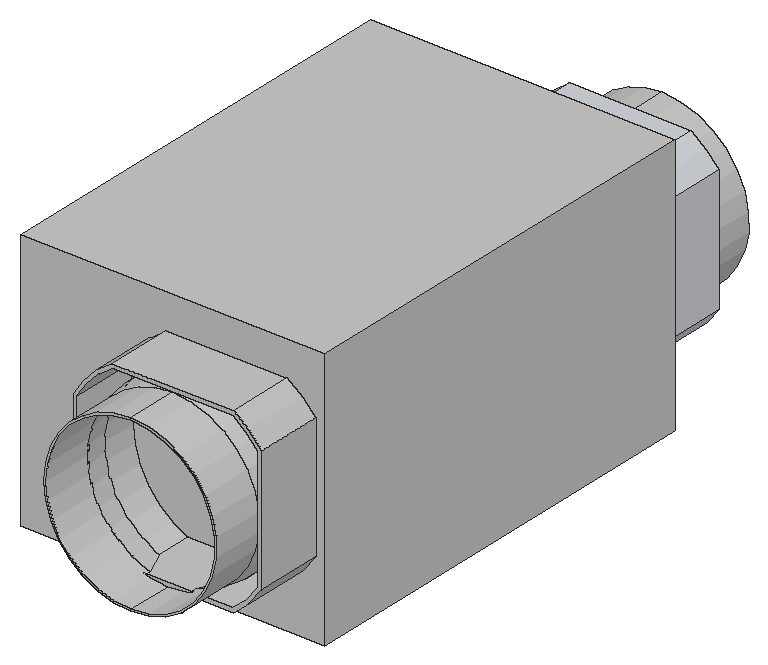
Revit family "Supply_Fan-BroanNutone-Fresh_In-Premium-FIN-180P", category Mechanical Equipment, host Face, Revit 2019
Family settings
  Host = Face
  Round Connector Dimension = Use Radius
  Part Type = Normal
  OmniClass Number = 23.75.35.17.17
  OmniClass Title = Room Air Circulation Fans
  Cut with Voids When Loaded = Yes
  Shared = No
  Room Calculation Point = No
Parameters (values of type "Not a Type - Load Type Catalog")
  Width = 10 1/4"  # constant formula
  Voltage = 120 V  # constant formula
  URL = "https://www.broan-nutone.com/en-us"
  Support Phone = "(224) 699-9545"  # constant formula
  Support Email = "mailto:support@anguleris.com"
  Product Page URL = "https://www.broan-nutone.com/en-us/product/freshairsystems/fin-180p"
  Product Name = "Broan® FRESH IN™ Premium Supply Fan 180 CFM, POWER CORD"  # constant formula
  Product Documentation Link = "https://www.broan-nutone.com/getmedia/ed2d215f-7d06-4df6-bf34-d683ac14f09c/Spec-Sheet-FIN-180P-FIN-180P-HW.pdf?ext=.pdf"
  Power Factor = 1
  Phase = 1
  Offset [instance] = 6"
  Number of Poles = 1
  Model = "FIN-180P"
  Material = ""
  Manufacturer Phone Number = "800-558-1711"  # constant formula
  Manufacturer Contact Information = "mailto:info@broan-nutone.com"
  Manufacturer Address = "926 W State St, Hartford, WI 53027"  # constant formula
  Manufacturer = "Broan"  # constant formula
  Length = 14 3/4"  # constant formula
  Frequency = 60 Hz  # constant formula
  Fan Wattage = 40 W
  Exhaust Radius = Exhaust Diameter / 2  # 3"
  Exhaust Diameter = 6"  # constant formula
  Supply Connector = "Supply Connection"  # constant formula
  Electrical Connector = "Electrical Connection"  # constant formula
  Description = "Broan® FRESH IN™ Premium Supply Fan 180 CFM, POWER CORD\r\n"  # constant formula
  Default Elevation = 0"
  Cover Finish = Metal - Broan NuTone - Stainless Steel
  Copyright = "Copyright © 2021 Broan-NuTone, LLC. All Rights Reserved"  # constant formula
  Assembly Code = "E1090900"
  Apparent Load = 0 VA
  Air Volume = 180 CFM
Reference planes (in)
  plane 1 "Center (Front/Back)": y = 0
  plane 2 "Bottom (Ceiling)": z = 0
  plane 3 "Center (Left/Right)": x = 0
  plane 4 "Left": x = -5.125
  plane 5 "Right": x = 5.125
  plane 6 "Front": y = -7.375
  plane 7 "Back": y = 7.375
  plane 8 "Top": z = 6
  plane 9 "Bottom": z = 14.79921
  plane 10 "Supply (Back)": x = 1.6516
  plane 11: y = 11.19798
  plane 12: y = -11.19798
  plane 13 "Supply (Front)": x = 1.07522
  plane 14: x = -1.93087
  plane 15: x = 4.08132
Forms (in)
  Extrusion 1, solid, material "Metal - Broan NuTone - Stainless Steel" <- "Cover Finish"
    sketch origin (0, 0, 0) x (1, 0, 0) y (0, 1, 0)
      loop
        line (5.125, 7.375) -> (-5.125, 7.375) -> (-5.125, -7.375) -> (5.125, -7.375) -> (5.125, 7.375)
    from 6 to 14.79921
  Revolve 2, solid, material "Metal - Broan NuTone - Stainless Steel"
    sketch origin (1.6516, 0, -0.31132) x (0, 1, 0) y (0, 0, 1)
      loop
        line (7.375, 13.75504) -> (7.375, 13.69254) -> (8.58822, 13.69254) -> (9.43247, 13.57534) -> (11.19798, 13.57534) -> (11.19798, 13.63784) -> (9.43678, 13.63784) -> (8.59254, 13.75504) -> (7.375, 13.75504)
      axis (7.375, 10.7201) -> (11.19798, 10.7201)
    angle from 0 to 360
  Extrusion 3, solid, detail levels fine
    sketch origin (-13.18023, 11.68236, 11.19821) x (1, 0, 0) y (0, 0, -1)
      loop
        line (17.05405, 3.65095) -> (12.95533, 3.65095)
        arc (12.95533, 3.65095) -> (12.17045, 2.87634) -> (11.66378, 1.89688) r 3.51967
        line (11.66378, 1.89688) -> (11.66378, -1.05903)
        arc (11.66378, -1.05903) -> (12.22348, -1.82655) -> (12.95533, -2.43215) r 3.81818
        line (12.95533, -2.43215) -> (17.05405, -2.43215)
        arc (17.05405, -2.43215) -> (17.56283, -2.04507) -> (17.99989, -1.57853) r 3.81818
        line (17.99989, -1.57853) -> (17.99989, 2.63791)
        arc (17.99989, 2.63791) -> (17.57733, 3.19144) -> (17.05405, 3.65095) r 3.51967
      loop
        line (17.01901, 3.531) -> (12.99037, 3.531)
        arc (12.99037, 3.531) -> (12.26006, 2.79958) -> (11.7831, 1.88261) r 3.40201
        line (11.7831, 1.88261) -> (11.7831, -1.02796)
        arc (11.7831, -1.02796) -> (12.30906, -1.74338) -> (12.99037, -2.31284) r 3.69886
        line (12.99037, -2.31284) -> (17.01901, -2.31284)
        arc (17.01901, -2.31284) -> (17.4804, -1.95874) -> (17.88058, -1.53669) r 3.69886
        line (17.88058, -1.53669) -> (17.88058, 2.60684)
        arc (17.88058, 2.60684) -> (17.49307, 3.10927) -> (17.01901, 3.531) r 3.40201
    from -4.30736 to -2.04173
  Revolve 4, solid, material "Metal - Broan NuTone - Stainless Steel" <- "Cover Finish"
    sketch origin (1.6516, 0, -0.31132) x (0, -1, 0) y (0, 0, 1)
      loop
        line (7.375, 13.75504) -> (7.375, 13.69254) -> (8.58822, 13.69254) -> (9.43247, 13.57534) -> (11.19798, 13.57534) -> (11.19798, 13.63784) -> (9.43678, 13.63784) -> (8.59254, 13.75504) -> (7.375, 13.75504)
      axis (7.375, 10.7201) -> (11.19798, 10.7201)
    angle from 0 to 360
  Extrusion 5, solid, material "Metal - Broan NuTone - Stainless Steel" <- "Cover Finish", detail levels fine
    sketch origin (-13.18023, -11.68236, 11.19821) x (1, 0, 0) y (0, 0, 1)
      loop
        arc (17.05405, -3.65095) -> (17.57733, -3.19144) -> (17.99989, -2.63791) r 3.51967
        line (17.99989, -2.63791) -> (17.99989, 1.57853)
        arc (17.99989, 1.57853) -> (17.56283, 2.04507) -> (17.05405, 2.43215) r 3.81818
        line (17.05405, 2.43215) -> (12.95533, 2.43215)
        arc (12.95533, 2.43215) -> (12.22348, 1.82655) -> (11.66378, 1.05903) r 3.81818
        line (11.66378, 1.05903) -> (11.66378, -1.89688)
        arc (11.66378, -1.89688) -> (12.17045, -2.87634) -> (12.95533, -3.65095) r 3.51967
        line (12.95533, -3.65095) -> (17.05405, -3.65095)
      loop
        arc (17.01901, -3.531) -> (17.49307, -3.10927) -> (17.88058, -2.60684) r 3.40201
        line (17.88058, -2.60684) -> (17.88058, 1.53669)
        arc (17.88058, 1.53669) -> (17.4804, 1.95874) -> (17.01901, 2.31284) r 3.69886
        line (17.01901, 2.31284) -> (12.99037, 2.31284)
        arc (12.99037, 2.31284) -> (12.30906, 1.74338) -> (11.7831, 1.02796) r 3.69886
        line (11.7831, 1.02796) -> (11.7831, -1.88261)
        arc (11.7831, -1.88261) -> (12.26006, -2.79958) -> (12.99037, -3.531) r 3.40201
        line (12.99037, -3.531) -> (17.01901, -3.531)
    from -4.30736 to -2.04173
Lines and regions (in)
  symbolic lines
    curve 1: line (4.6577, 7.375, 0) -> (-1.35449, 7.375, 0)
    curve 2: line (4.6577, -7.375, 0) -> (-1.35449, -7.375, 0)
Dimensions and locks (in)
  equal spacing: plane 6 "Front", plane 1 "Center (Front/Back)", plane 7 "Back"
  "Length": plane 6 "Front" to plane 7 "Back"
  equal spacing: plane 4 "Left", plane 3 "Center (Left/Right)", plane 5 "Right"
  "Width": plane 4 "Left" to plane 5 "Right"
  plane 3 "Center (Left/Right)" to plane 13 "Supply (Front)" to plane 10 "Supply (Back)" = 1.07522" locked, 0.57638" locked
  locked: plane 6 "Front" to plane 12 at 3.82298
  locked: plane 7 "Back" to plane 11 at 3.82298
  plane 9 "Bottom" to plane 8 "Top" = 8.79921"
  "Offset": plane 8 "Top" to level
  aligned and locked: plane 2 "Bottom (Ceiling)" to host face
  aligned and locked: level to host face
  aligned and locked: Extrusion 1 sketch curve to plane 7 "Back"
  aligned and locked: Extrusion 1 sketch curve to plane 4 "Left"
  aligned and locked: plane 5 "Right" to Extrusion 1 sketch curve
  aligned and locked: plane 6 "Front" to Extrusion 1 sketch curve
  aligned and locked: plane 9 "Bottom" to Extrusion 1
  aligned and locked: Extrusion 1 to plane 8 "Top"
  aligned and locked: Revolve 2 sketch curve to plane 11
  aligned and locked: plane 7 "Back" to Extrusion 3
  aligned and locked: plane 6 "Front" to Extrusion 5
Automatic sketch dimensions
  plane 7 "Back" to curve 1 = 0"
  curve 2 to plane 6 "Front" = 0"
  curve 1 to plane 14 = 0.57638"
  curve 2 to plane 14 = 0.57638"
  plane 5 "Right" to curve 2 = 0.4673"
  plane 5 "Right" to curve 1 = 0.4673"
  host sketch curve to host sketch curve = 24"  (x2)
  Revolve 2 sketch curve to plane 7 "Back" = 0"  (x2)
  plane 7 "Back" to Revolve 2 sketch curve = 1.21322"
  Revolve 2 sketch curve to Revolve 2 sketch curve = 0.00432"  (x2)
  Revolve 2 sketch curve to Revolve 2 sketch curve = 0.84424"
  plane 9 "Bottom" to Revolve 2 sketch curve = 1.53519"
  Revolve 2 sketch curve to Revolve 2 sketch curve = 1/16"  (x2)
  Revolve 2 sketch curve to Revolve 2 sketch curve = 7/128"
  plane 11 to Revolve 2 sketch curve = 1.73044"
  Revolve 2 sketch curve to Revolve 2 sketch curve = 2.85524"
  Extrusion 3 sketch curve to Extrusion 3 sketch curve = 0"  (x56)
  Extrusion 3 sketch curve to plane 14 = 0.41442"
  Extrusion 3 sketch curve to Extrusion 3 sketch curve = 0.11932"  (x3)
  Extrusion 3 sketch curve to plane 3 "Center (Left/Right)" = 0.2249"  (x2)
  Extrusion 3 sketch curve to Extrusion 3 sketch curve = 0.03503"  (x4)
  Extrusion 3 sketch curve to plane 10 "Supply (Back)" = 0.17285"
  plane 15 to Extrusion 3 sketch curve = 0.24254"  (x2)
  plane 5 "Right" to Extrusion 3 sketch curve = 0.42466"
  Extrusion 3 sketch curve to plane 9 "Bottom" = 1.16884"
  Extrusion 3 sketch curve to Extrusion 3 sketch curve = 0.73431"
  Extrusion 3 sketch curve to Extrusion 3 sketch curve = 2.91057"
  Extrusion 3 sketch curve to Extrusion 3 sketch curve = 0.01427"
  Revolve 4 sketch curve to plane 6 "Front" = 0"  (x2)
  Revolve 4 sketch curve to plane 12 = 0"
  Revolve 4 sketch curve to Revolve 4 sketch curve = 1.21322"
  Revolve 4 sketch curve to Revolve 4 sketch curve = 0.00432"  (x2)
  Revolve 4 sketch curve to Revolve 4 sketch curve = 0.84424"
  Revolve 4 sketch curve to plane 9 "Bottom" = 1.53519"
  Revolve 4 sketch curve to Revolve 4 sketch curve = 1/16"  (x2)
  Revolve 4 sketch curve to Revolve 4 sketch curve = 7/128"
  plane 12 to Revolve 4 sketch curve = 1.73044"
  Revolve 4 sketch curve to Revolve 4 sketch curve = 2.85524"
  Extrusion 5 sketch curve to Extrusion 5 sketch curve = 0"  (x56)
  Extrusion 5 sketch curve to plane 14 = 0.41442"
  Extrusion 5 sketch curve to Extrusion 5 sketch curve = 0.11932"  (x2)
  Extrusion 5 sketch curve to plane 3 "Center (Left/Right)" = 0.2249"  (x2)
  Extrusion 5 sketch curve to Extrusion 5 sketch curve = 0.03503"  (x4)
  Extrusion 5 sketch curve to plane 10 "Supply (Back)" = 0.17285"
  plane 15 to Extrusion 5 sketch curve = 0.24254"  (x2)
  plane 5 "Right" to Extrusion 5 sketch curve = 0.42466"
  plane 8 "Top" to Extrusion 5 sketch curve = 1.54727"
  Extrusion 5 sketch curve to Extrusion 5 sketch curve = 0.11994"
  Extrusion 5 sketch curve to Extrusion 5 sketch curve = 0.8931"
  Extrusion 5 sketch curve to plane 9 "Bottom" = 2.57303"
  Extrusion 5 sketch curve to Extrusion 5 sketch curve = 0.03107"
Connectors (in)
  electrical at (5.125, 0, 10.39961), driven by "Number of Poles", driven by "Voltage", driven by "Apparent Load", driven by "Power Factor", driven by "Electrical Connector"
    settings: on Extrusion 1, index 3, voltage 120 V, apparent load 0 VA, apparent load phase1 0 VA, apparent load phase2 0 VA, apparent load phase3 0 VA, power factor 1, load classification "HVAC", number of poles 1, system type 31, power factor state 1, is connector primary yes, connector utility no, sub classification motor no, connector description "Electrical Connection"
  hvac at (1.6516, -11.19798, 10.40878), driven by "Air Volume"
    settings: on Revolve 4, index 4, duct flow 180 CFM, flow factor 0, pres drop 0.00 in-wg, loss coef 0, conn angle 0.00°, conn width 12", conn height 12", conn diameter 6", duct sys type 3, conn prof type 0, flow config 0, flow direction 1, loss method 0, conn ref index -1, conn util no, is conn primary yes, conn desc "Exhaust Air"
  hvac at (1.6516, 11.19798, 10.40878), driven by "Air Volume"
    settings: on Revolve 2, index 5, duct flow 180 CFM, flow factor 0, pres drop 0.00 in-wg, loss coef 0, conn angle 0.00°, conn width 12", conn height 12", conn diameter 6", duct sys type 3, conn prof type 0, flow config 0, flow direction 2, loss method 0, conn ref index -1, conn util no, is conn primary no, conn desc "Exhaust Air"
